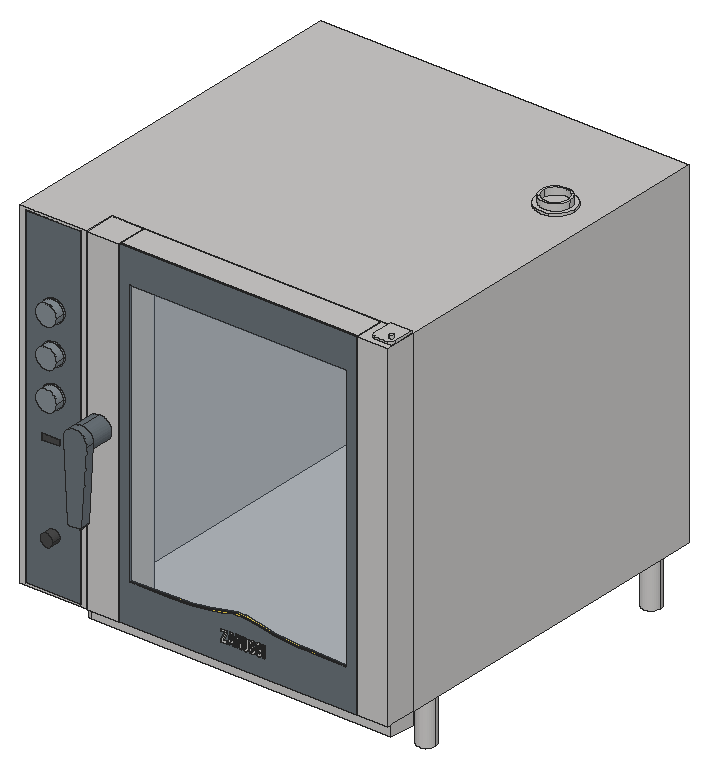
Revit family "QF_ZANUSSI_240453_ZFCE11SSDS", category Attrezzature speciali, Revit 2023
Family settings
  Quota connettore circolare = Usa diametro
  Tipo di parte = Normale
  Basato su piano di lavoro = No
  Attiva taglio nelle viste = No
  Sempre verticale = Sì
  Taglio con vuoti quando caricato = No
  Mantieni orientamento annotazione = No
  Condiviso = No
  Punto di calcolo locali = No
Parameters (values of type "Standard")
  Weight = 92.10 kg
  Watts = 350 W
  Volts = 220 V
  URL Manufacturer = "https://www.electroluxprofessional.com/"
  URL = "https://www.electroluxprofessional.com/"
  Steam Supply Size = 0 mm
  Steam Supply Minimum Pressure = 0.0 Pa
  Steam Supply Maximum Pressure = 0.0 Pa
  Steam Consumption per Hour = 0
  Show Logo [instance] = yes
  Show Clearance [instance] = yes
  Refrigeration Suction Line Size = 0 mm
  Refrigeration Liquid Line Size = 0 mm
  Refrigerant Compressor Remote = yes
  Prospetto di default = 0 mm
  Produttore = "Electrolux Professional"
  Phase = 1
  Modello = "EFCG61CSAS"
  Length Actual = 890 mm  # constant formula
  Item Number = "260813"
  Hot Water Size = 0 mm
  Height Actual = 970 mm  # constant formula
  HP = "0.5 HP"
  Gas Size = 12.7 mm
  Gas KW = 8.5
  Gas Input Pressure = 0.0585289 W
  Direct Waste Size = 25 mm
  Descrizione = "CONVECTION OVEN CW 6 GN 1/1 - GAS"
  Depth Actual = 900 mm  # constant formula
  Cycle = 50 Hz
  Condensate Return Size = 0 mm
  Compressed Air Volume = 0.0 L/s
  Compressed Air Size = 0 mm
  Compressed Air Pressure = 0.0 Pa
  Cold Water Size = 19.05 mm
  Accessory = yes
Reference planes
  plane 1 "Center X": y = 96.351
  plane 2: z = 0
  plane 3 "Center Y": x = -330
  plane 4 "LEFT": x = -775
  plane 5 "BACK": y = 551.351
  plane 6 "RIGHT": x = 115
  plane 7 "FRONT": y = -358.649
  plane 8 "FeetLeft": x = -725
  plane 9: y = 501.351
  plane 10 "DoorDepth": y = -283.649
  plane 11 "FeetRight": x = 65
  plane 12 "BASE": z = 130
  plane 13 "TOP": z = 950
  plane 14: z = 0
  plane 15 "1": y = 274.351
  plane 16 "FeetFront": y = -178.649
  plane 17: z = 1018
  plane 18: y = -433.649
  plane 19 "Drain_X": x = -349
  plane 20 "Drain_Y": y = 256.351
  plane 21 "EI_x": x = -676
  plane 22 "EI_y": y = -99.649
  plane 23 "CWI_x": x = -659
  plane 24: y = -1044.649
  plane 25: y = 72.351
  plane 26: x = 15
Forms (mm)
  Extrusion 1, solid, material "QF_Finishes_Stainless Steel"
    sketch origin (0, 73.5, 130) x (-1, 0, 0) y (0, -1, 0)
      loop
        circle (659, 1.149) r 13.2
    from -5 to 0
  Extrusion 2, solid, material "QF_Finishes_Stainless Steel"
    sketch origin (0, 57.5, 130) x (-1, 0, 0) y (0, -1, 0)
      loop
        circle (676, 157.149) r 13.25
    from -5 to 0
  Extrusion 3, solid, material "QF_Finishes_Stainless Steel"
    sketch origin (89, -125, 130) x (-1, 0, 0) y (0, -1, 0)
      loop
        circle (438, -381.351) r 13.25
    from -5 to 0
  Extrusion 4, solid, material "QF_Finishes_Black"
    sketch origin (0, -358.649, 77) x (-1, 0, 0) y (0, 0, 1)
      loop
        circle (693.941, 183.023) r 15
    from 0 to -20
  Extrusion 5, solid, material "QF_Finishes_Zanussi_Soft Gray"
    sketch origin (0, -358.649, -96) x (-1, 0, 0) y (0, 0, 1)
      loop
        circle (693, 845.824) r 26.676
    from 0 to -3
  Blend 6, solid, material "QF_Finishes_Zanussi_Soft Gray"
    base sketch origin (0, -358.649, -96) x (-1, 0, 0) y (0, 0, 1)
      loop
        circle (693, 845.824) r 25
    top sketch origin (0, -358.649, -96) x (-1, 0, 0) y (0, 0, 1)
      loop
        circle (693, 845.824) r 24.8
    from -3 to -23
  Extrusion 7, solid, material "QF_Finishes_Zanussi_Soft Gray"
    sketch origin (0, -358.649, -105) x (-1, 0, 0) y (0, 0, 1)
      loop
        circle (693, 760.824) r 26.676
    from 0 to -3
  Blend 8, solid, material "QF_Finishes_Zanussi_Soft Gray"
    base sketch origin (0, -358.649, -105) x (-1, 0, 0) y (0, 0, 1)
      loop
        circle (693, 760.824) r 25
    top sketch origin (0, -358.649, -105) x (-1, 0, 0) y (0, 0, 1)
      loop
        circle (693, 760.824) r 24.8
    from -3 to -23
  Extrusion 9, solid, material "QF_Finishes_Zanussi_Soft Gray"
    sketch origin (0, -358.649, 183) x (-1, 0, 0) y (0, 0, 1)
      loop
        circle (693, 380.824) r 26.676
    from 0 to -3
  Blend 10, solid, material "QF_Finishes_Zanussi_Soft Gray"
    base sketch origin (0, -358.649, 183) x (-1, 0, 0) y (0, 0, 1)
      loop
        circle (693, 380.824) r 25
    top sketch origin (0, -358.649, 183) x (-1, 0, 0) y (0, 0, 1)
      loop
        circle (693, 380.824) r 24.8
    from -3 to -23
  Extrusion 11, solid, material "QF_Finishes_Stainless Steel"
    sketch origin (0, 0, 130) x (-1, 0, 0) y (0, -1, 0)
      loop
        line (775, -551.351) -> (775, 358.649) -> (613, 358.649) -> (613, 283.649) -> (-115, 283.649) -> (-115, -551.351) -> (775, -551.351)
    from 820 to 0
  Extrusion 12, solid, material "QF_Finishes_Zanussi_Dark Gray"
    sketch origin (0, -358.649, 0) x (-1, 0, 0) y (0, 0, 1)
      loop
        line (760, 945) -> (628, 945) -> (628, 135) -> (760, 135) -> (760, 945)
      loop
        line (678.941, 475.023) -> (678.941, 460.023) -> (720.941, 460.023) -> (720.941, 475.023) -> (678.941, 475.023)
    from 0 to 5
  Extrusion 13, void
    sketch origin (0, -358.649, 0) x (-1, 0, 0) y (0, 0, 1)
      loop
        line (760, 945) -> (628, 945) -> (628, 135) -> (760, 135) -> (760, 945)
    from 0 to 5
  Extrusion 14, void
    sketch origin (0, -358.649, 0) x (-1, 0, 0) y (0, 0, 1)
      loop
        line (-87.826, 145) -> (610, 145) -> (610, 930) -> (-87.826, 930) -> (-87.826, 145)
    from 883.561 to 75
  Extrusion 15, solid, material "QF_Finishes_Black"
    sketch origin (-5, -358.649, 195) x (-1, 0, 0) y (0, 0, 1)
      loop
        line (715.941, 280.023) -> (673.941, 280.023) -> (673.941, 265.023) -> (715.941, 265.023) -> (715.941, 280.023)
    from 5 to 0
  Extrusion 16, solid, material "QF_Clearances", detail levels coarse
    sketch origin (0, 0, 0) x (1, 0, 0) y (0, 1, 0)
      loop
        line (-825, -358.649) -> (-775, -358.649) -> (-775, 551.351) -> (115, 551.351) -> (115, -358.649) -> (165, -358.649) -> (165, 601.351) -> (-825, 601.351) -> (-825, -358.649)
    from 950 to 0
  Extrusion 17, solid, material "QF_Finishes_Stainless Steel"
    sketch origin (0, 0, 950) x (-1, 0, 0) y (0, -1, 0)
      loop
        circle (-15, -274.351) r 45
    from 5 to 0
  Extrusion 18, solid, material "QF_Finishes_Stainless Steel"
    sketch origin (0, 0, 950) x (-1, 0, 0) y (0, -1, 0)
      loop
        circle (-15, -274.351) r 35
      loop
        circle (-15, -274.351) r 30
    from 5 to 20.369
Cuts and joins
  Extrusion 13, Extrusion 14 cuts Extrusion 11
Lines and regions (mm)
  symbolic lines
    curve 1: line (-775, -358.649, 1620) -> (-775, 551.351, 1620)
    curve 2: line (-775, 551.351, 1620) -> (115, 551.351, 1620)
    curve 3: line (-613, -283.649, 1620) -> (115, -283.649, 1620)
    curve 4: line (-613, -283.649, 1620) -> (-613, -358.649, 1620)
    curve 5: line (-775, -358.649, 1620) -> (-613, -358.649, 1620)
    curve 6: line (-719.676, -361.649, 1620) -> (-666.324, -361.649, 1620)
    curve 7: line (-719.676, -361.649, 1620) -> (-719.676, -358.649, 1620)
    curve 8: line (-666.324, -361.649, 1620) -> (-666.324, -358.649, 1620)
    curve 9: line (115, 551.351, 1620) -> (115, -358.649, 1620)
    curve 10: line (-717.863, -381.649, 684) -> (-668.2, -381.649, 684)
    curve 11: line (-717.863, -381.649, 684) -> (-718, -361.649, 684)
    curve 12: line (-668.2, -381.649, 684) -> (-668, -361.649, 684)
    curve 18: circle (15, 274.351, 633) r 45 normal (0, 0, 1)
    curve 19: circle (15, 274.351, 633) r 35 normal (0, 0, 1)
    curve 20: circle (15, 274.351, 633) r 30 normal (0, 0, -1)
  symbolic lines, style "QF_Clearances", detail levels coarse
    curve 13: line (-825, -358.649, 0) -> (-825, 601.351, 0)
    curve 14: line (-825, 601.351, 0) -> (165, 601.351, 0)
    curve 15: line (165, 601.351, 0) -> (165, -358.649, 0)
    curve 16: line (165, -358.649, 0) -> (115, -358.649, 0)
    curve 17: line (-825, -358.649, 0) -> (-768.438, -358.649, 0)
Dimensions and locks
  equal spacing: plane 4 "LEFT", plane 3 "Center Y", plane 6 "RIGHT"
  equal spacing: plane 5 "BACK", plane 1 "Center X", plane 7 "FRONT"
  plane 12 "BASE" to plane 14 = 130 mm
  plane 13 "TOP" to plane 12 "BASE" = 820 mm
  plane 13 "TOP" to plane 14 = 950 mm
  plane 5 "BACK" to plane 9 = 50 mm
  plane 9 to plane 16 "FeetFront" = 680 mm
  locked: plane 16 "FeetFront" to plane 7 "FRONT" at 180
  plane 17 to plane 13 "TOP" to plane 12 "BASE" to level = 68 mm, 820 mm, 130 mm
  plane 17 to level = 1018 mm  (x2)
  plane 7 "FRONT" to plane 18 = 75 mm
  plane 5 "BACK" to plane 20 "Drain_Y" = 295 mm
  plane 4 "LEFT" to plane 19 "Drain_X" = 426 mm
  locked: plane 4 "LEFT" to plane 21 "EI_x" at 99
  plane 5 "BACK" to plane 22 "EI_y" = 651 mm
  plane 4 "LEFT" to plane 23 "CWI_x" = 116 mm
  plane 5 "BACK" to plane 15 "1" = 277 mm
  plane 5 "BACK" to plane 24 = 1596 mm
  plane 5 "BACK" to plane 25 = 479 mm
  locked: plane 10 "DoorDepth" to plane 7 "FRONT" at 75
  plane 8 "FeetLeft" to plane 4 "LEFT" = 50 mm
  plane 6 "RIGHT" to plane 11 "FeetRight" = 50 mm
  plane 11 "FeetRight" to plane 8 "FeetLeft" = 790 mm
  plane 5 "BACK" to plane 7 "FRONT" = 910 mm
  plane 4 "LEFT" to plane 6 "RIGHT" = 890 mm
  plane 26 to plane 6 "RIGHT" = 100 mm
  aligned and locked: level to plane 2
  aligned and locked: plane 12 "BASE" to nested 1
  aligned and locked: plane 12 "BASE" to nested 2
  aligned and locked: plane 12 "BASE" to nested 4
  aligned and locked: plane 12 "BASE" to nested 3
  aligned and locked: nested 5 to plane 10 "DoorDepth"
  aligned and locked: nested 5 to plane 12 "BASE"
  aligned and locked: plane 6 "RIGHT" to nested 5
  aligned and locked: plane 8 "FeetLeft" to nested 4
  aligned and locked: plane 11 "FeetRight" to nested 2
  aligned and locked: plane 11 "FeetRight" to nested 3
  aligned and locked: nested 4 to plane 9
  aligned and locked: nested 3 to plane 9
  aligned and locked: plane 16 "FeetFront" to nested 1
  aligned and locked: plane 16 "FeetFront" to nested 2
Automatic sketch dimensions
  Extrusion 2 sketch curve to plane 21 "EI_x" = 0 mm
  Extrusion 2 sketch curve to plane 22 "EI_y" = 0 mm
  Extrusion 3 sketch curve to plane 19 "Drain_X" = 0 mm
  Extrusion 3 sketch curve to plane 20 "Drain_Y" = 0 mm
  plane 12 "BASE" to Extrusion 4 sketch curve = 130.023 mm
  Extrusion 5 sketch curve to plane 13 "TOP" = 200.176 mm
  Blend 6 sketch curve to plane 13 "TOP" = 200.176 mm  (x2)
  Extrusion 7 sketch curve to plane 13 "TOP" = 294.176 mm
  Blend 8 sketch curve to plane 13 "TOP" = 294.176 mm  (x2)
  plane 12 "BASE" to Extrusion 9 sketch curve = 433.824 mm
  plane 12 "BASE" to Blend 10 sketch curve = 433.824 mm  (x2)
  Extrusion 11 sketch curve to plane 5 "BACK" = 0 mm
  Extrusion 11 sketch curve to plane 6 "RIGHT" = 0 mm
  Extrusion 11 sketch curve to plane 10 "DoorDepth" = 0 mm
  Extrusion 11 sketch curve to plane 7 "FRONT" = 0 mm
  Extrusion 11 sketch curve to plane 4 "LEFT" = 0 mm
  plane 21 "EI_x" to Extrusion 11 sketch curve = 63 mm
  Extrusion 13 sketch curve to plane 13 "TOP" = 5 mm
  plane 21 "EI_x" to Extrusion 13 sketch curve = 48 mm
  Extrusion 13 sketch curve to plane 8 "FeetLeft" = 35 mm
  plane 12 "BASE" to Extrusion 13 sketch curve = 5 mm
  Extrusion 14 sketch curve to plane 13 "TOP" = 20 mm
  plane 11 "FeetRight" to Extrusion 14 sketch curve = 22.826 mm
  plane 21 "EI_x" to Extrusion 14 sketch curve = 66 mm
  plane 12 "BASE" to Extrusion 14 sketch curve = 15 mm
  Extrusion 12 sketch curve to plane 13 "TOP" = 5 mm
  plane 21 "EI_x" to Extrusion 12 sketch curve = 48 mm
  Extrusion 12 sketch curve to plane 21 "EI_x" = 2.941 mm
  plane 8 "FeetLeft" to Extrusion 12 sketch curve = 4.059 mm
  plane 4 "LEFT" to Extrusion 12 sketch curve = 15 mm
  plane 12 "BASE" to Extrusion 12 sketch curve = 345.023 mm
  Extrusion 12 sketch curve to Extrusion 12 sketch curve = 15 mm
  plane 12 "BASE" to Extrusion 12 sketch curve = 5 mm
  Extrusion 15 sketch curve to plane 21 "EI_x" = 2.941 mm
  plane 8 "FeetLeft" to Extrusion 15 sketch curve = 4.059 mm
  plane 12 "BASE" to Extrusion 15 sketch curve = 330.023 mm
  Extrusion 15 sketch curve to Extrusion 15 sketch curve = 15 mm
  curve 3 to plane 10 "DoorDepth" = 0 mm
  curve 5 to plane 7 "FRONT" = 0 mm
  curve 2 to plane 4 "LEFT" = 0 mm
  curve 1 to plane 5 "BACK" = 0 mm
  plane 21 "EI_x" to curve 3 = 63 mm
  curve 8 to plane 7 "FRONT" = 3 mm
  plane 21 "EI_x" to curve 8 = 9.676 mm
  plane 8 "FeetLeft" to curve 6 = 5.324 mm
  curve 9 to plane 6 "RIGHT" = 0 mm
  curve 9 to plane 7 "FRONT" = 0 mm
  Extrusion 16 sketch curve to plane 7 "FRONT" = 0 mm  (x2)
  Extrusion 16 sketch curve to plane 4 "LEFT" = 0 mm
  Extrusion 16 sketch curve to plane 5 "BACK" = 0 mm
  Extrusion 16 sketch curve to plane 6 "RIGHT" = 0 mm
  Extrusion 16 sketch curve to Extrusion 16 sketch curve = 50 mm
  plane 6 "RIGHT" to Extrusion 16 sketch curve = 50 mm
  plane 5 "BACK" to Extrusion 16 sketch curve = 50 mm
  Extrusion 1 sketch curve to plane 23 "CWI_x" = 0 mm
  Extrusion 1 sketch curve to plane 25 = 0 mm
  curve 13 to plane 7 "FRONT" = 0 mm
  curve 16 to plane 6 "RIGHT" = 0 mm
  curve 16 to plane 7 "FRONT" = 0 mm
  curve 17 to plane 4 "LEFT" = 50 mm
  plane 6 "RIGHT" to curve 15 = 50 mm
  plane 5 "BACK" to curve 14 = 50 mm
  plane 4 "LEFT" to curve 17 = 6.562 mm
  plane 21 "EI_x" to curve 12 = 7.8 mm
  curve 12 to plane 7 "FRONT" = 23 mm
  curve 12 to plane 7 "FRONT" = 3 mm
  plane 21 "EI_x" to curve 12 = 8 mm
  plane 8 "FeetLeft" to curve 11 = 7.137 mm
  curve 11 to plane 7 "FRONT" = 3 mm
  plane 8 "FeetLeft" to curve 11 = 7 mm
  Extrusion 4 sketch curve to plane 21 "EI_x" = 17.941 mm
  Extrusion 5 sketch curve to plane 21 "EI_x" = 17 mm
  Blend 6 sketch curve to plane 21 "EI_x" = 17 mm  (x2)
  Extrusion 7 sketch curve to plane 21 "EI_x" = 17 mm
  Blend 8 sketch curve to plane 21 "EI_x" = 17 mm  (x2)
  Extrusion 9 sketch curve to plane 21 "EI_x" = 17 mm
  Blend 10 sketch curve to plane 21 "EI_x" = 17 mm  (x2)
  curve 18 to curve 19 = 0 mm  (x2)
  curve 18 to curve 20 = 0 mm  (x2)
  curve 19 to curve 20 = 0 mm  (x2)
  curve 19 to plane 15 "1" = 0 mm
  curve 19 to plane 26 = 0 mm
  Extrusion 18 sketch curve to Extrusion 18 sketch curve = 0 mm  (x2)
  Extrusion 18 sketch curve to plane 15 "1" = 0 mm
  Extrusion 18 sketch curve to plane 26 = 0 mm
  Extrusion 17 sketch curve to plane 15 "1" = 0 mm
  Extrusion 17 sketch curve to plane 26 = 0 mm
  radius of Extrusion 2 sketch curve = 13.25 mm
  radius of Extrusion 3 sketch curve = 13.25 mm
  radius of Extrusion 4 sketch curve = 15 mm
  radius of Extrusion 5 sketch curve = 26.676 mm
  radius of Blend 6 sketch curve = 25 mm
  radius of Blend 6 sketch curve = 24.8 mm
  radius of Extrusion 7 sketch curve = 26.676 mm
  radius of Blend 8 sketch curve = 25 mm
  radius of Blend 8 sketch curve = 24.8 mm
  radius of Extrusion 9 sketch curve = 26.676 mm
  radius of Blend 10 sketch curve = 25 mm
  radius of Blend 10 sketch curve = 24.8 mm
  radius of Extrusion 1 sketch curve = 13.2 mm
  radius of curve 18 = 45 mm
  radius of curve 19 = 35 mm
  radius of curve 20 = 30 mm
  radius of Extrusion 18 sketch curve = 35 mm
  radius of Extrusion 18 sketch curve = 30 mm
  radius of Extrusion 17 sketch curve = 45 mm
Nested families
  nested 1: "Foot" at (-725, -178.649, 0), type "Foot"
    with Ø 22 mm, H 130 mm
  nested 2: "Foot" at (65, -178.649, 0), type "Foot"
    with Ø 22 mm, H 130 mm
  nested 3: "Foot" at (65, 501.351, 0), type "Foot"
    with Ø 22 mm, H 130 mm
  nested 4: "Foot" at (-725, 501.351, 0), type "Foot"
    with Ø 22 mm, H 130 mm
  nested 5: "ZAN_DOOR_CROSSWISE_H820" at (115, -286.649, 0), type "ZAN_DOOR_CROSSWISE_H820"
    with Show Clearance yes
Connectors
  piping at (-349, 256.351, 125), diameter 25, driven by "Direct Waste Size"
    settings: on Extrusion 3, index 6, connector inside diameter 609.6 mm, connector length 0 mm, flow factor 0, pipe flow 0.0 L/s, pressure drop 0.0 Pa, fitting loss kfactor 0, connector angle 0.00°, fixture units 0, engagement length 0 mm, angle of deflection 0.00°, flow configuration 0, flow direction 2, fitting loss method 0, system type 16, joint type 0, gender type 0, connector reference index -1, connector utility 0, adjustable connector no, is connector primary yes, connector description "Drain"
  electrical at (-676, -99.649, 125)
    settings: on Extrusion 2, index 7, voltage 0 V, apparent load 0 VA, apparent load phase1 0 VA, apparent load phase2 0 VA, apparent load phase3 0 VA, power factor 1, load classification "Altro", number of poles 1, system type 30, power factor state 1, is connector primary yes, connector utility no, sub classification motor no, connector description "Electrical Connection"
  piping at (-659, 72.351, 125), diameter 19.05, driven by "Cold Water Size"
    settings: on Extrusion 1, index 8, connector inside diameter 609.6 mm, connector length 0 mm, flow factor 0, pipe flow 0.0 L/s, pressure drop 0.0 Pa, fitting loss kfactor 0, connector angle 0.00°, fixture units 0, engagement length 0 mm, angle of deflection 0.00°, flow configuration 0, flow direction 1, fitting loss method 0, system type 20, joint type 0, gender type 0, connector reference index -1, connector utility 0, adjustable connector no, is connector primary no, connector description "Cold Water Inlet"
Definition of nested family "Foot"
  Parameters
    Ø [instance] = 20 mm
    Default Elevation = 0 mm
    H [instance] = 50 mm
  Reference planes
    plane 1 "Centro (Fronte/Retro)": y = 0
    plane 2: z = 0
    plane 3 "Centro (Sinistra/Destra)": x = 0
    plane 4: z = 50
  Forms (mm)
    Revolve 1, solid
      sketch origin (255.05, 0, 608.09) x (0, 0, 1) y (-1, 0, 0)
        loop
          line (-608.09, 255.05) -> (-608.09, 235.05) -> (-558.09, 235.05) -> (-558.09, 255.05) -> (-608.09, 255.05)
        axis (-608.09, 255.05) -> (-558.09, 255.05)
      angle from 0 to 360
  Dimensions and locks
    "H": plane 4 to plane 2
    "Ø": Revolve 1 sketch curve to Revolve 1 sketch curve
    aligned and locked: level to plane 2
    aligned and locked: plane 4 to Revolve 1 sketch curve
    aligned and locked: Revolve 1 sketch curve to level
    aligned and locked: plane 3 "Centro (Sinistra/Destra)" to Revolve 1 sketch curve
  Automatic sketch dimensions
    Revolve 1 sketch curve to plane 3 "Centro (Sinistra/Destra)" = 0 mm
    Revolve 1 sketch curve to Revolve 1 sketch curve = 50 mm
    Revolve 1 sketch curve to Revolve 1 sketch curve = 20 mm
Definition of nested family "ZAN_DOOR_CROSSWISE_H820"
  Parameters (values of type "ZAN_DOOR_CROSSWISE_H820")
    sp_Lama = 5 mm
    Z_Maniglia = 405 mm
    W_Door = 725 mm
    Show Clearance [instance] = yes
    Default Elevation = 0 mm
    H_Feet = 130 mm
    H_FasciaTop = 75 mm
    H_Door = 820 mm
    W_fasce = 75 mm
    Direct Waste Size = 25 mm
  Reference planes
    plane 1 "Center (Front/Back)": y = 3
    plane 2: z = 0
    plane 3 "Center (Left/Right)": x = 0
    plane 4 "Top": z = 950
    plane 5 "Feet": z = 130
    plane 6 "Front": y = -72
    plane 7: z = 945
    plane 8: z = 870
    plane 9: x = -625
    plane 10: x = -75
    plane 11: x = -725
    plane 12: x = -650
    plane 13: x = -100
    plane 14: x = -649
    plane 15: x = -76
    plane 16: z = 154
    plane 17: z = 535
    plane 18: x = -697
  Forms (mm)
    Extrusion 1, solid
      sketch origin (0, -72, 0) x (0, 0, -1) y (-1, 0, 0)
        loop
          line (-950, 725) -> (-950, 650) -> (-130, 650) -> (-130, 725) -> (-950, 725)
        loop
          line (-950, 0) -> (-130, 0) -> (-130, 75) -> (-950, 75) -> (-950, 0)
      from 0 to 75
    Extrusion 2, solid
      sketch origin (0, -72, 0) x (0, 0, -1) y (-1, 0, 0)
        loop
          line (-226.277, 625) -> (-870, 625) -> (-870, 100) -> (-226.277, 100) -> (-226.277, 179.596) -> (-226.464, 194.035) -> (-226.816, 214.136)
          arc (-226.816, 214.136) -> (-227.121, 224.207) -> (-227.693, 234.266) r 381.251
          arc (-227.693, 234.266) -> (-229.438, 254.344) -> (-232.142, 274.315) r 421.149
          arc (-232.142, 274.315) -> (-235.022, 290.185) -> (-238.297, 305.979) r 647.683
          arc (-238.297, 305.979) -> (-241.149, 319.693) -> (-243.677, 333.471) r 593.178
          arc (-243.677, 333.471) -> (-244.098, 337.378) -> (-244.435, 341.294) r 181.693
          arc (-244.435, 341.294) -> (-244.748, 347.295) -> (-244.843, 353.303) r 166.118
          arc (-244.843, 353.303) -> (-244.747, 359.31) -> (-244.433, 365.309) r 166.118
          arc (-244.433, 365.309) -> (-244.097, 369.204) -> (-243.677, 373.091) r 181.693
          arc (-243.677, 373.091) -> (-241.149, 386.869) -> (-238.297, 400.583) r 593.179
          arc (-238.297, 400.583) -> (-235.025, 416.365) -> (-232.147, 432.223) r 647.683
          arc (-232.147, 432.223) -> (-229.444, 452.168) -> (-227.698, 472.219) r 421.148
          arc (-227.698, 472.219) -> (-227.123, 482.317) -> (-226.816, 492.426) r 381.251
          line (-226.816, 492.426) -> (-226.464, 512.527) -> (-226.277, 526.966) -> (-226.277, 625)
        loop
          line (-130, 76) -> (-130, 649) -> (-950, 649) -> (-950, 76) -> (-130, 76)
      from 0 to 5
    Extrusion 3, void
      sketch origin (-100, -72, 0) x (-1, 0, 0) y (0, 0, 1)
        loop
          line (288.603, 173.973) -> (303.509, 173.973) -> (303.509, 179.706) -> (295.318, 196.905) -> (302.853, 196.741) -> (302.853, 201.982) -> (288.603, 201.982) -> (288.603, 197.232) -> (297.201, 179.706) -> (288.603, 179.706) -> (288.603, 173.973)
        loop
          line (280.375, 184.456) -> (278.737, 197.195) -> (277.1, 184.456) -> (280.375, 184.456)
        loop
          line (281.849, 173.973) -> (287.746, 173.973) -> (282.669, 201.982) -> (274.806, 201.982) -> (269.565, 173.973) -> (275.461, 173.973) -> (276.281, 179.378) -> (281.031, 179.378) -> (281.849, 173.973)
        loop
          line (268.839, 201.982) -> (262.778, 201.982) -> (258.028, 184.128) -> (258.028, 201.982) -> (252.786, 201.982) -> (252.786, 173.973) -> (259.011, 173.973) -> (263.761, 192.482) -> (263.761, 173.973) -> (268.839, 173.973) -> (268.839, 201.982)
        loop
          line (251.476, 180.9) -> (251.476, 201.982) -> (245.743, 201.982) -> (245.743, 180.689)
          arc (245.743, 180.689) -> (243.81, 179.443) -> (242.303, 181.18) r 1.755
          line (242.303, 181.18) -> (242.303, 201.982) -> (236.57, 201.982) -> (236.57, 179.87)
          arc (236.57, 179.87) -> (244.469, 173.928) -> (251.476, 180.9) r 7.548
        loop
          line (225.923, 193.137) -> (225.923, 196.183)
          arc (225.923, 196.183) -> (228.232, 197.801) -> (229.849, 195.492) r 1.993
          arc (229.849, 195.492) -> (229.394, 194.205) -> (228.544, 193.137) r 4.132
          line (228.544, 193.137) -> (222.261, 187.482)
          arc (222.261, 187.482) -> (220.244, 183.234) -> (220.358, 178.532) r 10.152
          arc (220.358, 178.532) -> (226.648, 173.979) -> (234.116, 176.106) r 8.889
          arc (234.116, 176.106) -> (235.696, 179.791) -> (235.751, 183.801) r 10.311
          line (235.751, 183.801) -> (230.033, 183.801)
          arc (230.033, 183.801) -> (230.009, 183.099) -> (230.033, 182.396) r 10.165
          arc (230.033, 182.396) -> (230.059, 181.653) -> (230.033, 180.91) r 10.759
          arc (230.033, 180.91) -> (229.7, 179.855) -> (228.922, 179.068) r 2.359
          arc (228.922, 179.068) -> (226.339, 179.656) -> (226.065, 182.291) r 2.275
          arc (226.065, 182.291) -> (227.174, 183.799) -> (228.6, 185.01) r 8.056
          line (228.6, 185.01) -> (231.016, 187.151)
          arc (231.016, 187.151) -> (233.167, 189.4) -> (234.919, 191.972) r 18.895
          arc (234.919, 191.972) -> (235.183, 196.623) -> (233.05, 200.765) r 8.857
          arc (233.05, 200.765) -> (227.818, 202.471) -> (222.586, 200.765) r 8.876
          arc (222.586, 200.765) -> (220.806, 198.522) -> (220.429, 195.684) r 5.378
          line (220.429, 195.684) -> (220.518, 193.137) -> (225.923, 193.137)
        loop
          line (209.587, 193.137) -> (209.587, 196.183)
          arc (209.587, 196.183) -> (211.896, 197.801) -> (213.513, 195.492) r 1.993
          arc (213.513, 195.492) -> (213.058, 194.205) -> (212.208, 193.137) r 4.132
          line (212.208, 193.137) -> (205.924, 187.482)
          arc (205.924, 187.482) -> (203.908, 183.234) -> (204.022, 178.532) r 10.152
          arc (204.022, 178.532) -> (210.312, 173.979) -> (217.779, 176.106) r 8.889
          arc (217.779, 176.106) -> (219.36, 179.791) -> (219.415, 183.801) r 10.311
          line (219.415, 183.801) -> (213.696, 183.801)
          arc (213.696, 183.801) -> (213.672, 183.099) -> (213.696, 182.396) r 10.165
          arc (213.696, 182.396) -> (213.722, 181.653) -> (213.696, 180.91) r 10.759
          arc (213.696, 180.91) -> (213.363, 179.855) -> (212.586, 179.068) r 2.359
          arc (212.586, 179.068) -> (210.003, 179.656) -> (209.729, 182.291) r 2.275
          arc (209.729, 182.291) -> (210.837, 183.799) -> (212.264, 185.01) r 8.056
          line (212.264, 185.01) -> (214.679, 187.151)
          arc (214.679, 187.151) -> (216.83, 189.4) -> (218.583, 191.972) r 18.895
          arc (218.583, 191.972) -> (218.847, 196.623) -> (216.714, 200.765) r 8.857
          arc (216.714, 200.765) -> (211.482, 202.471) -> (206.25, 200.765) r 8.876
          arc (206.25, 200.765) -> (204.469, 198.522) -> (204.093, 195.684) r 5.378
          line (204.093, 195.684) -> (204.182, 193.137) -> (209.587, 193.137)
        loop
          line (202.992, 201.982) -> (197.259, 201.982) -> (197.259, 173.973) -> (202.992, 173.973) -> (202.992, 201.982)
      from 0 to 2
    Extrusion 4, solid
      sketch origin (0, -72, 0) x (0, 0, -1) y (-1, 0, 0)
        loop
          line (-173.973, 388.603) -> (-173.973, 403.509) -> (-179.706, 403.509) -> (-196.905, 395.318) -> (-196.741, 402.853) -> (-201.982, 402.853) -> (-201.982, 388.603) -> (-197.232, 388.603) -> (-179.706, 397.201) -> (-179.706, 388.603) -> (-173.973, 388.603)
        loop
          line (-184.456, 380.375) -> (-197.195, 378.737) -> (-184.456, 377.1) -> (-184.456, 380.375)
        loop
          line (-173.973, 381.849) -> (-173.973, 387.746) -> (-201.982, 382.669) -> (-201.982, 374.806) -> (-173.973, 369.565) -> (-173.973, 375.461) -> (-179.378, 376.281) -> (-179.378, 381.031) -> (-173.973, 381.849)
        loop
          line (-201.982, 368.839) -> (-201.982, 362.778) -> (-184.128, 358.028) -> (-201.982, 358.028) -> (-201.982, 352.786) -> (-173.973, 352.786) -> (-173.973, 359.011) -> (-192.482, 363.761) -> (-173.973, 363.761) -> (-173.973, 368.839) -> (-201.982, 368.839)
        loop
          line (-180.9, 351.476) -> (-201.982, 351.476) -> (-201.982, 345.743) -> (-180.689, 345.743)
          arc (-180.689, 345.743) -> (-179.443, 343.81) -> (-181.18, 342.303) r 1.755
          line (-181.18, 342.303) -> (-201.982, 342.303) -> (-201.982, 336.57) -> (-179.87, 336.57)
          arc (-179.87, 336.57) -> (-173.928, 344.469) -> (-180.9, 351.476) r 7.548
        loop
          line (-193.137, 325.923) -> (-196.183, 325.923)
          arc (-196.183, 325.923) -> (-197.801, 328.232) -> (-195.492, 329.849) r 1.993
          arc (-195.492, 329.849) -> (-194.205, 329.394) -> (-193.137, 328.544) r 4.132
          line (-193.137, 328.544) -> (-187.482, 322.261)
          arc (-187.482, 322.261) -> (-183.234, 320.244) -> (-178.532, 320.358) r 10.152
          arc (-178.532, 320.358) -> (-173.979, 326.648) -> (-176.106, 334.116) r 8.889
          arc (-176.106, 334.116) -> (-179.791, 335.696) -> (-183.801, 335.751) r 10.311
          line (-183.801, 335.751) -> (-183.801, 330.033)
          arc (-183.801, 330.033) -> (-183.099, 330.009) -> (-182.396, 330.033) r 10.165
          arc (-182.396, 330.033) -> (-181.653, 330.059) -> (-180.91, 330.033) r 10.759
          arc (-180.91, 330.033) -> (-179.855, 329.7) -> (-179.068, 328.922) r 2.359
          arc (-179.068, 328.922) -> (-179.656, 326.339) -> (-182.291, 326.065) r 2.275
          arc (-182.291, 326.065) -> (-183.799, 327.174) -> (-185.01, 328.6) r 8.056
          line (-185.01, 328.6) -> (-187.151, 331.016)
          arc (-187.151, 331.016) -> (-189.4, 333.167) -> (-191.972, 334.919) r 18.895
          arc (-191.972, 334.919) -> (-196.623, 335.183) -> (-200.765, 333.05) r 8.857
          arc (-200.765, 333.05) -> (-202.471, 327.818) -> (-200.765, 322.586) r 8.876
          arc (-200.765, 322.586) -> (-198.522, 320.806) -> (-195.684, 320.429) r 5.378
          line (-195.684, 320.429) -> (-193.137, 320.518) -> (-193.137, 325.923)
        loop
          line (-193.137, 309.587) -> (-196.183, 309.587)
          arc (-196.183, 309.587) -> (-197.801, 311.896) -> (-195.492, 313.513) r 1.993
          arc (-195.492, 313.513) -> (-194.205, 313.058) -> (-193.137, 312.208) r 4.132
          line (-193.137, 312.208) -> (-187.482, 305.924)
          arc (-187.482, 305.924) -> (-183.234, 303.908) -> (-178.532, 304.022) r 10.152
          arc (-178.532, 304.022) -> (-173.979, 310.312) -> (-176.106, 317.779) r 8.889
          arc (-176.106, 317.779) -> (-179.791, 319.36) -> (-183.801, 319.415) r 10.311
          line (-183.801, 319.415) -> (-183.801, 313.696)
          arc (-183.801, 313.696) -> (-183.099, 313.672) -> (-182.396, 313.696) r 10.165
          arc (-182.396, 313.696) -> (-181.653, 313.722) -> (-180.91, 313.696) r 10.759
          arc (-180.91, 313.696) -> (-179.855, 313.363) -> (-179.068, 312.586) r 2.359
          arc (-179.068, 312.586) -> (-179.656, 310.003) -> (-182.291, 309.729) r 2.275
          arc (-182.291, 309.729) -> (-183.799, 310.837) -> (-185.01, 312.264) r 8.056
          line (-185.01, 312.264) -> (-187.151, 314.679)
          arc (-187.151, 314.679) -> (-189.4, 316.83) -> (-191.972, 318.583) r 18.895
          arc (-191.972, 318.583) -> (-196.623, 318.847) -> (-200.765, 316.714) r 8.857
          arc (-200.765, 316.714) -> (-202.471, 311.482) -> (-200.765, 306.25) r 8.876
          arc (-200.765, 306.25) -> (-198.522, 304.469) -> (-195.684, 304.093) r 5.378
          line (-195.684, 304.093) -> (-193.137, 304.182) -> (-193.137, 309.587)
        loop
          line (-201.982, 302.992) -> (-201.982, 297.259) -> (-173.973, 297.259) -> (-173.973, 302.992) -> (-201.982, 302.992)
      from 0 to 2
    Extrusion 5, solid
      sketch origin (0, -72, 0) x (0, 0, -1) y (-1, 0, 0)
        loop
          line (-945, 649) -> (-945, 625) -> (-154, 625) -> (-154, 100) -> (-945, 100) -> (-945, 76) -> (-130, 76) -> (-130, 649) -> (-945, 649)
      from 5 to 75
    Extrusion 6, solid
      sketch origin (0, -72, 0) x (0, 0, -1) y (-1, 0, 0)
        loop
          line (-945, 625) -> (-945, 100) -> (-154, 100) -> (-154, 625) -> (-945, 625)
      from 75 to 70
    Extrusion 7, solid
      sketch origin (0, -72, 0) x (0, 0, -1) y (-1, 0, 0)
        loop
          line (-945, 649) -> (-950, 649) -> (-950, 76) -> (-945, 76) -> (-945, 649)
      from 5 to 75
    Extrusion 8, solid
      sketch origin (-100, -72, -17) x (-1, 0, 0) y (0, 0, 1)
        loop
          arc (608.817, 368.345) -> (612.24, 369.7) -> (613.808, 373.032) r 5
          line (613.808, 373.032) -> (624.987, 551.163)
          arc (624.987, 551.163) -> (596.54, 579.996) -> (569.055, 550.244) r 28
          line (569.055, 550.244) -> (580.194, 373.003)
          arc (580.194, 373.003) -> (581.77, 369.69) -> (585.183, 368.345) r 5
          line (585.183, 368.345) -> (608.817, 368.345)
      from -55 to -75
    Extrusion 9, solid
      sketch origin (0, -72, 0) x (0, 0, -1) y (-1, 0, 0)
        loop
          circle (-535, 697) r 28
      from 0 to -55
    Extrusion 10, solid
      sketch origin (0, 0, 0) x (0, 1, 0) y (0, 0, 1)
        loop
          line (-62, 130) -> (-62, 105) -> (3, 100.455) -> (3, 130) -> (-62, 130)
      from -725 to 0
    Extrusion 11, solid
      sketch origin (0, 0, 950) x (0, -1, 0) y (1, 0, 0)
        loop
          circle (38.919, -17.1) r 5
      from 10 to 5
    Extrusion 12, solid
      sketch origin (0, 0, 950) x (0, -1, 0) y (1, 0, 0)
        loop
          line (-3, -52.67) -> (47, -52.67)
          arc (47, -52.67) -> (54.071, -49.741) -> (57, -42.67) r 10
          line (57, -42.67) -> (57, -12.67)
          arc (57, -12.67) -> (54.071, -5.598) -> (47, -2.67) r 10
          line (47, -2.67) -> (-3, -2.67) -> (-3, -52.67)
      from 5 to 0
    Extrusion 13, solid, detail levels coarse
      sketch origin (-100, 215.149, 0) x (1, 0, 0) y (0, 1, 0)
        loop
          line (100, -972.149) -> (100, -287.149) -> (-625.004, -287.149)
          arc (-625.004, -287.149) -> (-403.591, -778.978) -> (100, -972.149) r 708.043
      from 950 to 130
    Extrusion 14, solid
      sketch origin (0, -72, 0) x (0, 0, -1) y (-1, 0, 0)
        loop
          line (-870, 625) -> (-870, 100) -> (-226.277, 100) -> (-228.887, 193.987) -> (-229.313, 214.075)
          arc (-229.313, 214.075) -> (-229.647, 224.091) -> (-230.232, 234.096) r 398.755
          arc (-230.232, 234.096) -> (-232.012, 254.045) -> (-234.745, 273.886) r 418.492
          arc (-234.745, 273.886) -> (-237.493, 288.79) -> (-240.528, 303.64) r 786.502
          arc (-240.528, 303.64) -> (-243.753, 318.136) -> (-246.344, 332.759) r 340.705
          arc (-246.344, 332.759) -> (-247.057, 338.079) -> (-247.553, 343.424) r 132.002
          arc (-247.553, 343.424) -> (-247.817, 348.358) -> (-247.896, 353.299) r 132.002
          arc (-247.896, 353.299) -> (-247.815, 358.239) -> (-247.55, 363.173) r 132.002
          arc (-247.55, 363.173) -> (-247.055, 368.5) -> (-246.344, 373.803) r 132.002
          arc (-246.344, 373.803) -> (-243.753, 388.426) -> (-240.528, 402.923) r 340.705
          arc (-240.528, 402.923) -> (-237.495, 417.76) -> (-234.749, 432.652) r 786.502
          arc (-234.749, 432.652) -> (-232.016, 452.488) -> (-230.234, 472.433) r 418.492
          arc (-230.234, 472.433) -> (-229.647, 482.454) -> (-229.313, 492.487) r 398.755
          line (-229.313, 492.487) -> (-228.887, 512.575) -> (-226.277, 625) -> (-870, 625)
      from 0 to 5
    Extrusion 15, solid
      sketch origin (0, -72, 0) x (0, 0, -1) y (-1, 0, 0)
        loop
          line (-228.887, 512.575) -> (-229.313, 492.487)
          arc (-229.313, 492.487) -> (-229.647, 482.454) -> (-230.234, 472.433) r 398.755
          arc (-230.234, 472.433) -> (-232.016, 452.488) -> (-234.749, 432.652) r 418.492
          arc (-234.749, 432.652) -> (-237.495, 417.76) -> (-240.528, 402.923) r 786.502
          arc (-240.528, 402.923) -> (-243.753, 388.426) -> (-246.344, 373.803) r 340.705
          arc (-246.344, 373.803) -> (-247.055, 368.5) -> (-247.55, 363.173) r 132.002
          arc (-247.55, 363.173) -> (-247.815, 358.239) -> (-247.896, 353.299) r 132.002
          arc (-247.896, 353.299) -> (-247.817, 348.358) -> (-247.553, 343.424) r 132.002
          arc (-247.553, 343.424) -> (-247.057, 338.079) -> (-246.344, 332.759) r 132.002
          arc (-246.344, 332.759) -> (-243.753, 318.136) -> (-240.528, 303.64) r 340.705
          arc (-240.528, 303.64) -> (-237.493, 288.79) -> (-234.745, 273.886) r 786.502
          arc (-234.745, 273.886) -> (-232.012, 254.045) -> (-230.232, 234.096) r 418.492
          arc (-230.232, 234.096) -> (-229.647, 224.091) -> (-229.313, 214.075) r 398.755
          line (-229.313, 214.075) -> (-228.887, 193.987) -> (-226.277, 100) -> (-226.277, 179.596) -> (-226.464, 194.035) -> (-226.816, 214.136)
          arc (-226.816, 214.136) -> (-227.121, 224.207) -> (-227.693, 234.266) r 381.251
          arc (-227.693, 234.266) -> (-229.438, 254.344) -> (-232.142, 274.315) r 421.149
          arc (-232.142, 274.315) -> (-235.022, 290.185) -> (-238.297, 305.979) r 647.683
          arc (-238.297, 305.979) -> (-241.149, 319.693) -> (-243.677, 333.471) r 593.178
          arc (-243.677, 333.471) -> (-244.328, 338.674) -> (-244.808, 343.895) r 159.419
          arc (-244.808, 343.895) -> (-245.055, 348.594) -> (-245.149, 353.299) r 143.741
          arc (-245.149, 353.299) -> (-245.054, 358.003) -> (-244.805, 362.702) r 143.741
          arc (-244.805, 362.702) -> (-244.326, 367.906) -> (-243.677, 373.091) r 159.42
          arc (-243.677, 373.091) -> (-241.149, 386.869) -> (-238.297, 400.583) r 593.179
          arc (-238.297, 400.583) -> (-235.025, 416.365) -> (-232.147, 432.223) r 647.683
          arc (-232.147, 432.223) -> (-229.444, 452.168) -> (-227.698, 472.219) r 421.148
          arc (-227.698, 472.219) -> (-227.123, 482.317) -> (-226.816, 492.426) r 381.251
          line (-226.816, 492.426) -> (-226.464, 512.527) -> (-226.277, 526.966) -> (-226.277, 625) -> (-228.887, 512.575)
      from 0 to 5
  Cuts and joins
    Extrusion 3 cuts Extrusion 2
  Lines and regions (mm)
    symbolic lines
      curve 1: line (-724.987, -127, 0) -> (-661.987, -127, 0)
      curve 2: line (-724.987, -147, 0) -> (-724.987, -72.467, 0)
      curve 3: line (-661.987, -147, 0) -> (-724.987, -147, 0)
      curve 4: line (-661.987, -72.467, 0) -> (-661.987, -147, 0)
      curve 5: line (-724.996, 3, 0) -> (0, 3, 0)
      curve 6: line (-724.996, -72.467, 0) -> (-724.996, 3, 0)
      curve 7: line (0, -72.467, 0) -> (-724.996, -72.467, 0)
      curve 8: line (0, 3, 0) -> (0, -72.467, 0)
      curve 9: line (-625, -72.467, 0) -> (-625, 3, 0)
      curve 10: line (-75, -72.467, 0) -> (-75, 3, 0)
      curve 11: arc (-52.67, -47, 0) -> (-49.741, -54.071, 0) -> (-42.67, -57, 0) r 10
      curve 12: line (-42.67, -57, 0) -> (-12.67, -57, 0)
      curve 13: arc (-12.67, -57, 0) -> (-5.598, -54.071, 0) -> (-2.67, -47, 0) r 10
      curve 14: line (-2.67, -47, 0) -> (-2.67, 3, 0)
      curve 15: line (-52.67, 3, 0) -> (-52.67, -47, 0)
      curve 16: circle (-17.1, -38.919, 0) r 5 normal (0, 0, 1)
      curve 17: line (0, -745.041, 0) -> (0, -72.467, 0)
      curve 18: arc (-725.004, -72, 0) -> (-503.591, -563.829, 0) -> (0, -757, 0) r 708.043
  Dimensions and locks
    plane 1 "Center (Front/Back)" to plane 6 "Front" = 75 mm
    "H_Feet": plane 5 "Feet" to level
    "H_Door": plane 4 "Top" to plane 5 "Feet"
    "sp_Lama": plane 4 "Top" to plane 7
    "H_FasciaTop": plane 7 to plane 8
    "W_fasce": plane 11 to plane 12
    "W_fasce": plane 3 "Center (Left/Right)" to plane 10
    locked: plane 14 to plane 12 at 1
    plane 15 to plane 10 = 1 mm
    locked: plane 9 to plane 14 at 24
    locked: plane 15 to plane 13 at 24
    locked: plane 16 to plane 5 "Feet" at 24
    "Z_Maniglia": plane 17 to plane 5 "Feet"
    plane 11 to plane 18 = 28 mm
    "W_Door": plane 11 to plane 3 "Center (Left/Right)"
    aligned and locked: level to plane 2
    aligned and locked: Extrusion 7 to plane 7
    aligned and locked: plane 7 to Extrusion 6
    aligned and locked: plane 7 to Extrusion 5  (x2)
    aligned and locked: Extrusion 1 to plane 4 "Top"  (x2)
    aligned and locked: Extrusion 13 to plane 4 "Top"
    aligned and locked: Extrusion 7 to plane 4 "Top"
    aligned and locked: cut or joined group of Extrusion 2, Extrusion 3 to plane 4 "Top"
    aligned and locked: cut or joined group of Extrusion 2, Extrusion 3 to plane 8
    aligned and locked: plane 5 "Feet" to Extrusion 5
    aligned and locked: plane 5 "Feet" to Extrusion 13
    aligned and locked: plane 5 "Feet" to Extrusion 1  (x2)
    aligned and locked: plane 5 "Feet" to cut or joined group of Extrusion 2, Extrusion 3
    aligned and locked: Extrusion 5 to plane 14
    aligned and locked: plane 9 to Extrusion 5
    aligned and locked: plane 15 to Extrusion 5
    aligned and locked: Extrusion 5 to plane 13
    aligned and locked: Extrusion 1 to plane 11
    aligned and locked: plane 3 "Center (Left/Right)" to Extrusion 1
    aligned and locked: plane 12 to Extrusion 1
    aligned and locked: Extrusion 1 to plane 10
    aligned and locked: plane 16 to Extrusion 5
    aligned and locked: Extrusion 6 to plane 16
    aligned and locked: plane 3 "Center (Left/Right)" to Extrusion 10
    aligned and locked: plane 9 to cut or joined group of Extrusion 2, Extrusion 3
    aligned and locked: cut or joined group of Extrusion 2, Extrusion 3 to plane 13
    aligned and locked: plane 11 to Extrusion 10
    aligned and locked: Extrusion 14 sketch curve to plane 8
    aligned and locked: Extrusion 14 sketch curve to plane 9
    aligned and locked: Extrusion 14 sketch curve to plane 13
  Automatic sketch dimensions
    Extrusion 9 sketch curve to plane 17 = 0 mm
    Extrusion 9 sketch curve to plane 18 = 0 mm
    Extrusion 1 sketch curve to plane 4 "Top" = 0 mm  (x2)
    Extrusion 1 sketch curve to plane 3 "Center (Left/Right)" = 0 mm
    Extrusion 1 sketch curve to plane 5 "Feet" = 0 mm  (x2)
    plane 10 to Extrusion 1 sketch curve = 0 mm
    plane 12 to Extrusion 1 sketch curve = 0 mm
    plane 11 to Extrusion 1 sketch curve = 0 mm
    plane 16 to Extrusion 3 sketch curve = 47.982 mm  (x3)
    plane 13 to Extrusion 3 sketch curve = 197.259 mm
    Extrusion 3 sketch curve to Extrusion 3 sketch curve = 4.888 mm
    Extrusion 3 sketch curve to Extrusion 3 sketch curve = 5.704 mm
    Extrusion 3 sketch curve to Extrusion 3 sketch curve = 0.845 mm
    plane 16 to Extrusion 3 sketch curve = 41.684 mm  (x2)
    Extrusion 3 sketch curve to Extrusion 3 sketch curve = 1.947 mm  (x2)
    plane 16 to Extrusion 3 sketch curve = 39.137 mm  (x4)
    Extrusion 3 sketch curve to Extrusion 3 sketch curve = 0.089 mm  (x2)
    plane 16 to Extrusion 3 sketch curve = 33.482 mm  (x2)
    Extrusion 3 sketch curve to Extrusion 3 sketch curve = 1.743 mm
    Extrusion 3 sketch curve to Extrusion 3 sketch curve = 6.311 mm
    Extrusion 3 sketch curve to Extrusion 3 sketch curve = 5.327 mm  (x2)
    Extrusion 3 sketch curve to Extrusion 3 sketch curve = 0.024 mm  (x2)
    Extrusion 3 sketch curve to Extrusion 3 sketch curve = 0.143 mm  (x2)
    Extrusion 3 sketch curve to Extrusion 3 sketch curve = 0.597 mm  (x2)
    Extrusion 3 sketch curve to Extrusion 3 sketch curve = 2.07 mm  (x2)
    Extrusion 3 sketch curve to Extrusion 3 sketch curve = 1.298 mm  (x2)
    Extrusion 3 sketch curve to Extrusion 3 sketch curve = 1.366 mm  (x2)
    Extrusion 3 sketch curve to Extrusion 3 sketch curve = 0.362 mm  (x2)
    Extrusion 3 sketch curve to Extrusion 3 sketch curve = 0.15 mm  (x2)
    Extrusion 3 sketch curve to Extrusion 3 sketch curve = 0.726 mm  (x3)
    plane 16 to Extrusion 3 sketch curve = 31.01 mm  (x2)
    Extrusion 3 sketch curve to Extrusion 3 sketch curve = 0.409 mm  (x2)
    Extrusion 3 sketch curve to Extrusion 3 sketch curve = 1.432 mm  (x2)
    Extrusion 3 sketch curve to Extrusion 3 sketch curve = 2.132 mm  (x2)
    plane 16 to Extrusion 3 sketch curve = 33.151 mm  (x2)
    Extrusion 3 sketch curve to Extrusion 3 sketch curve = 2.415 mm  (x2)
    Extrusion 3 sketch curve to Extrusion 3 sketch curve = 2.892 mm  (x2)
    Extrusion 3 sketch curve to Extrusion 3 sketch curve = 6.932 mm
    Extrusion 3 sketch curve to Extrusion 3 sketch curve = 2.57 mm
    Extrusion 3 sketch curve to Extrusion 3 sketch curve = 0.116 mm
    Extrusion 3 sketch curve to Extrusion 3 sketch curve = 2.846 mm
    Extrusion 3 sketch curve to Extrusion 3 sketch curve = 4.422 mm  (x2)
    Extrusion 3 sketch curve to Extrusion 3 sketch curve = 1.773 mm
    Extrusion 3 sketch curve to Extrusion 3 sketch curve = 5.719 mm
    Extrusion 3 sketch curve to Extrusion 3 sketch curve = 3.505 mm
    Extrusion 3 sketch curve to Extrusion 3 sketch curve = 5.733 mm  (x3)
    Extrusion 3 sketch curve to Extrusion 3 sketch curve = 1.646 mm
    Extrusion 3 sketch curve to Extrusion 3 sketch curve = 0.109 mm
    Extrusion 3 sketch curve to Extrusion 3 sketch curve = 3.44 mm
    Extrusion 3 sketch curve to Extrusion 3 sketch curve = 1.311 mm
    Extrusion 3 sketch curve to Extrusion 3 sketch curve = 5.241 mm  (x2)
    Extrusion 3 sketch curve to Extrusion 3 sketch curve = 6.224 mm
    Extrusion 3 sketch curve to Extrusion 3 sketch curve = 4.75 mm  (x3)
    Extrusion 3 sketch curve to Extrusion 3 sketch curve = 6.061 mm
    plane 16 to Extrusion 3 sketch curve = 19.973 mm  (x2)
    Extrusion 3 sketch curve to Extrusion 3 sketch curve = 5.967 mm
    Extrusion 3 sketch curve to Extrusion 3 sketch curve = 5.897 mm  (x2)
    Extrusion 3 sketch curve to Extrusion 3 sketch curve = 0.819 mm  (x4)
    plane 16 to Extrusion 3 sketch curve = 43.195 mm
    Extrusion 3 sketch curve to Extrusion 3 sketch curve = 3.931 mm  (x2)
    Extrusion 3 sketch curve to Extrusion 3 sketch curve = 3.276 mm
    Extrusion 3 sketch curve to Extrusion 3 sketch curve = 0.856 mm
    plane 16 to Extrusion 3 sketch curve = 43.232 mm
    Extrusion 3 sketch curve to Extrusion 3 sketch curve = 5.934 mm
    plane 16 to Extrusion 3 sketch curve = 42.905 mm
    Extrusion 3 sketch curve to Extrusion 3 sketch curve = 6.716 mm
    plane 16 to Extrusion 3 sketch curve = 25.706 mm
    Extrusion 3 sketch curve to Extrusion 3 sketch curve = 8.598 mm
    plane 16 to Extrusion 3 sketch curve = 42.741 mm
    Extrusion 3 sketch curve to Extrusion 3 sketch curve = 7.535 mm
    Extrusion 3 sketch curve to Extrusion 3 sketch curve = 6.308 mm
    Extrusion 3 sketch curve to Extrusion 3 sketch curve = 0 mm  (x12)
    Extrusion 3 sketch curve to Extrusion 3 sketch curve = 13.509 mm
    Extrusion 3 sketch curve to Extrusion 3 sketch curve = 6.705 mm  (x2)
    Extrusion 3 sketch curve to Extrusion 3 sketch curve = 5.405 mm
    Extrusion 3 sketch curve to Extrusion 3 sketch curve = 1.565 mm
    Extrusion 3 sketch curve to Extrusion 3 sketch curve = 0.211 mm
    Extrusion 3 sketch curve to Extrusion 3 sketch curve = 3.938 mm  (x2)
    Extrusion 3 sketch curve to Extrusion 3 sketch curve = 0.05 mm  (x2)
    Extrusion 3 sketch curve to Extrusion 3 sketch curve = 0.093 mm  (x2)
    Extrusion 3 sketch curve to Extrusion 3 sketch curve = 5.829 mm
    Extrusion 3 sketch curve to Extrusion 3 sketch curve = 3.348 mm
    Extrusion 3 sketch curve to Extrusion 3 sketch curve = 0.356 mm  (x2)
    Extrusion 3 sketch curve to Extrusion 3 sketch curve = 1.568 mm  (x2)
    Extrusion 3 sketch curve to Extrusion 3 sketch curve = 1.163 mm
    Extrusion 3 sketch curve to Extrusion 3 sketch curve = 1.919 mm
    Extrusion 3 sketch curve to Extrusion 3 sketch curve = 2.148 mm
    Extrusion 3 sketch curve to Extrusion 3 sketch curve = 1.209 mm
    Extrusion 3 sketch curve to Extrusion 3 sketch curve = 3.228 mm
    Extrusion 3 sketch curve to Extrusion 3 sketch curve = 5.078 mm
    Extrusion 3 sketch curve to Extrusion 3 sketch curve = 9.5 mm
    Extrusion 3 sketch curve to Extrusion 3 sketch curve = 0.458 mm  (x2)
    Extrusion 3 sketch curve to Extrusion 3 sketch curve = 1.645 mm  (x2)
    Extrusion 3 sketch curve to Extrusion 3 sketch curve = 1.056 mm  (x2)
    Extrusion 3 sketch curve to Extrusion 3 sketch curve = 1.401 mm  (x2)
    Extrusion 3 sketch curve to Extrusion 3 sketch curve = 0.025 mm  (x2)
    Extrusion 3 sketch curve to Extrusion 3 sketch curve = 0.212 mm  (x2)
    Extrusion 3 sketch curve to Extrusion 3 sketch curve = 0.525 mm
    Extrusion 3 sketch curve to Extrusion 3 sketch curve = 0.692 mm
    Extrusion 3 sketch curve to Extrusion 3 sketch curve = 1.059 mm  (x2)
    Extrusion 3 sketch curve to Extrusion 3 sketch curve = 0.88 mm  (x2)
    Extrusion 3 sketch curve to Extrusion 3 sketch curve = 1.769 mm
    Extrusion 3 sketch curve to Extrusion 3 sketch curve = 3.52 mm
    plane 16 to Extrusion 4 sketch curve = 47.982 mm  (x2)
    Extrusion 4 sketch curve to Extrusion 4 sketch curve = 0 mm  (x16)
    Extrusion 4 sketch curve to Extrusion 4 sketch curve = 0.692 mm  (x2)
    Extrusion 4 sketch curve to Extrusion 4 sketch curve = 4.75 mm  (x5)
    Extrusion 4 sketch curve to Extrusion 4 sketch curve = 4.787 mm
    Extrusion 4 sketch curve to Extrusion 4 sketch curve = 0.328 mm
    Extrusion 4 sketch curve to Extrusion 4 sketch curve = 5.241 mm  (x2)
    Extrusion 4 sketch curve to Extrusion 4 sketch curve = 4.87 mm
    Extrusion 4 sketch curve to Extrusion 4 sketch curve = 5.561 mm
    Extrusion 4 sketch curve to Extrusion 4 sketch curve = 0.212 mm  (x2)
    Extrusion 4 sketch curve to Extrusion 4 sketch curve = 0.025 mm  (x2)
    Extrusion 4 sketch curve to Extrusion 4 sketch curve = 0.346 mm  (x2)
    Extrusion 4 sketch curve to Extrusion 4 sketch curve = 0.525 mm  (x3)
    Extrusion 4 sketch curve to Extrusion 4 sketch curve = 1.401 mm  (x2)
    Extrusion 4 sketch curve to Extrusion 4 sketch curve = 1.186 mm  (x2)
    Extrusion 4 sketch curve to Extrusion 4 sketch curve = 2.546 mm  (x2)
    Extrusion 4 sketch curve to Extrusion 4 sketch curve = 0.458 mm  (x2)
    Extrusion 4 sketch curve to Extrusion 4 sketch curve = 9.5 mm
    Extrusion 4 sketch curve to Extrusion 4 sketch curve = 5.655 mm  (x2)
    Extrusion 4 sketch curve to Extrusion 4 sketch curve = 5.986 mm  (x2)
    Extrusion 4 sketch curve to Extrusion 4 sketch curve = 2.141 mm  (x2)
    Extrusion 4 sketch curve to Extrusion 4 sketch curve = 12.739 mm
    Extrusion 4 sketch curve to Extrusion 4 sketch curve = 8.354 mm
    Extrusion 4 sketch curve to Extrusion 4 sketch curve = 3.681 mm
    Extrusion 4 sketch curve to Extrusion 4 sketch curve = 1.209 mm
    Extrusion 4 sketch curve to Extrusion 4 sketch curve = 0.702 mm  (x2)
    Extrusion 4 sketch curve to Extrusion 4 sketch curve = 1.067 mm  (x2)
    Extrusion 4 sketch curve to Extrusion 4 sketch curve = 0.798 mm
    Extrusion 4 sketch curve to Extrusion 4 sketch curve = 1.163 mm
    Extrusion 4 sketch curve to Extrusion 4 sketch curve = 0.282 mm
    Extrusion 4 sketch curve to Extrusion 4 sketch curve = 2.148 mm
    Extrusion 4 sketch curve to Extrusion 4 sketch curve = 1.642 mm
    Extrusion 4 sketch curve to Extrusion 4 sketch curve = 0.277 mm
    Extrusion 4 sketch curve to Extrusion 4 sketch curve = 1.568 mm  (x2)
    Extrusion 4 sketch curve to Extrusion 4 sketch curve = 0.043 mm  (x2)
    Extrusion 4 sketch curve to Extrusion 4 sketch curve = 0.093 mm  (x2)
    Extrusion 4 sketch curve to Extrusion 4 sketch curve = 3.228 mm
    Extrusion 4 sketch curve to Extrusion 4 sketch curve = 0.491 mm
    Extrusion 4 sketch curve to Extrusion 4 sketch curve = 3.931 mm  (x3)
    Extrusion 4 sketch curve to Extrusion 4 sketch curve = 5.078 mm
    Extrusion 4 sketch curve to Extrusion 4 sketch curve = 2.818 mm
    Extrusion 4 sketch curve to Extrusion 4 sketch curve = 1.565 mm
    Extrusion 4 sketch curve to Extrusion 4 sketch curve = 5.405 mm
    Extrusion 4 sketch curve to Extrusion 4 sketch curve = 5.733 mm  (x3)
    Extrusion 4 sketch curve to Extrusion 4 sketch curve = 7.68 mm
    plane 13 to Extrusion 4 sketch curve = 197.259 mm
    Extrusion 4 sketch curve to Extrusion 4 sketch curve = 4.888 mm
    Extrusion 4 sketch curve to Extrusion 4 sketch curve = 5.704 mm
    Extrusion 4 sketch curve to Extrusion 4 sketch curve = 0.845 mm
    Extrusion 4 sketch curve to Extrusion 4 sketch curve = 1.947 mm  (x2)
    Extrusion 4 sketch curve to Extrusion 4 sketch curve = 0.089 mm  (x2)
    Extrusion 4 sketch curve to Extrusion 4 sketch curve = 1.743 mm
    Extrusion 4 sketch curve to Extrusion 4 sketch curve = 6.311 mm
    Extrusion 4 sketch curve to Extrusion 4 sketch curve = 5.327 mm  (x2)
    Extrusion 4 sketch curve to Extrusion 4 sketch curve = 0.024 mm  (x2)
    Extrusion 4 sketch curve to Extrusion 4 sketch curve = 0.143 mm  (x2)
    Extrusion 4 sketch curve to Extrusion 4 sketch curve = 0.597 mm  (x2)
    Extrusion 4 sketch curve to Extrusion 4 sketch curve = 2.07 mm  (x2)
    Extrusion 4 sketch curve to Extrusion 4 sketch curve = 1.298 mm  (x2)
    Extrusion 4 sketch curve to Extrusion 4 sketch curve = 1.366 mm  (x2)
    Extrusion 4 sketch curve to Extrusion 4 sketch curve = 0.362 mm  (x2)
    Extrusion 4 sketch curve to Extrusion 4 sketch curve = 0.15 mm  (x2)
    Extrusion 4 sketch curve to Extrusion 4 sketch curve = 0.726 mm  (x3)
    Extrusion 4 sketch curve to Extrusion 4 sketch curve = 0.409 mm  (x2)
    Extrusion 4 sketch curve to Extrusion 4 sketch curve = 1.432 mm  (x2)
    Extrusion 4 sketch curve to Extrusion 4 sketch curve = 2.132 mm  (x2)
    Extrusion 4 sketch curve to Extrusion 4 sketch curve = 2.415 mm  (x2)
    Extrusion 4 sketch curve to Extrusion 4 sketch curve = 2.892 mm  (x2)
    Extrusion 4 sketch curve to Extrusion 4 sketch curve = 4.969 mm
    Extrusion 4 sketch curve to Extrusion 4 sketch curve = 2.57 mm
    Extrusion 4 sketch curve to Extrusion 4 sketch curve = 0.116 mm
    Extrusion 4 sketch curve to Extrusion 4 sketch curve = 2.846 mm
    Extrusion 4 sketch curve to Extrusion 4 sketch curve = 4.422 mm  (x2)
    Extrusion 4 sketch curve to Extrusion 4 sketch curve = 1.773 mm
    Extrusion 4 sketch curve to Extrusion 4 sketch curve = 5.719 mm
    Extrusion 4 sketch curve to Extrusion 4 sketch curve = 3.505 mm
    Extrusion 4 sketch curve to Extrusion 4 sketch curve = 1.646 mm
    Extrusion 4 sketch curve to Extrusion 4 sketch curve = 0.109 mm
    Extrusion 4 sketch curve to Extrusion 4 sketch curve = 1.311 mm
    Extrusion 4 sketch curve to Extrusion 4 sketch curve = 6.224 mm
    Extrusion 4 sketch curve to Extrusion 4 sketch curve = 6.061 mm
    Extrusion 4 sketch curve to Extrusion 4 sketch curve = 5.967 mm
    Extrusion 4 sketch curve to Extrusion 4 sketch curve = 5.897 mm  (x2)
    Extrusion 4 sketch curve to Extrusion 4 sketch curve = 0.819 mm  (x3)
    Extrusion 4 sketch curve to Extrusion 4 sketch curve = 3.276 mm
    Extrusion 4 sketch curve to Extrusion 4 sketch curve = 0.856 mm
    Extrusion 4 sketch curve to Extrusion 4 sketch curve = 5.934 mm
    Extrusion 4 sketch curve to Extrusion 4 sketch curve = 6.716 mm
    Extrusion 4 sketch curve to Extrusion 4 sketch curve = 8.598 mm
    Extrusion 4 sketch curve to Extrusion 4 sketch curve = 7.535 mm
    Extrusion 4 sketch curve to Extrusion 4 sketch curve = 6.308 mm
    Extrusion 4 sketch curve to Extrusion 4 sketch curve = 1.217 mm
    Extrusion 4 sketch curve to Extrusion 4 sketch curve = 3.121 mm  (x2)
    Extrusion 5 sketch curve to plane 7 = 0 mm  (x2)
    Extrusion 5 sketch curve to plane 9 = 0 mm
    Extrusion 5 sketch curve to plane 16 = 0 mm
    Extrusion 5 sketch curve to plane 5 "Feet" = 0 mm
    plane 15 to Extrusion 5 sketch curve = 0 mm
    plane 13 to Extrusion 5 sketch curve = 0 mm
    plane 14 to Extrusion 5 sketch curve = 0 mm
    Extrusion 6 sketch curve to plane 7 = 0 mm
    Extrusion 6 sketch curve to plane 9 = 0 mm
    Extrusion 6 sketch curve to plane 16 = 0 mm
    plane 13 to Extrusion 6 sketch curve = 0 mm
    Extrusion 7 sketch curve to plane 4 "Top" = 0 mm
    Extrusion 7 sketch curve to plane 7 = 0 mm
    plane 15 to Extrusion 7 sketch curve = 0 mm
    Extrusion 7 sketch curve to plane 14 = 0 mm
    plane 5 "Feet" to Extrusion 10 sketch curve = 0 mm
    Extrusion 10 sketch curve to plane 1 "Center (Front/Back)" = 0 mm
    plane 6 "Front" to Extrusion 10 sketch curve = 10 mm
    Extrusion 10 sketch curve to Extrusion 10 sketch curve = 25 mm
    Extrusion 10 sketch curve to Extrusion 10 sketch curve = 29.545 mm
    plane 6 "Front" to Extrusion 11 sketch curve = 33.081 mm
    Extrusion 11 sketch curve to plane 3 "Center (Left/Right)" = 17.1 mm
    plane 1 "Center (Front/Back)" to Extrusion 12 sketch curve = 0 mm
    Extrusion 12 sketch curve to plane 3 "Center (Left/Right)" = 2.67 mm
    plane 6 "Front" to Extrusion 12 sketch curve = 25 mm  (x2)
    Extrusion 12 sketch curve to Extrusion 12 sketch curve = 10 mm
    Extrusion 12 sketch curve to Extrusion 12 sketch curve = 30 mm
    Extrusion 14 sketch curve to Extrusion 14 sketch curve = 0 mm  (x10)
    Extrusion 14 sketch curve to plane 4 "Top" = 59.547 mm  (x2)
    Extrusion 14 sketch curve to Extrusion 14 sketch curve = 19.857 mm  (x2)
    plane 16 to Extrusion 14 sketch curve = 75.313 mm  (x2)
    Extrusion 14 sketch curve to Extrusion 14 sketch curve = 0.426 mm  (x2)
    plane 16 to Extrusion 14 sketch curve = 72.277 mm  (x2)
    plane 5 "Feet" to Extrusion 14 sketch curve = 14.106 mm
    plane 13 to Extrusion 14 sketch curve = 38.728 mm
    plane 13 to Extrusion 14 sketch curve = 93.987 mm
    Extrusion 14 sketch curve to Extrusion 14 sketch curve = 1.078 mm  (x2)
    Extrusion 14 sketch curve to Extrusion 14 sketch curve = 20.088 mm  (x2)
    Extrusion 14 sketch curve to Extrusion 14 sketch curve = 0.669 mm
    plane 9 to Extrusion 14 sketch curve = 132.513 mm
